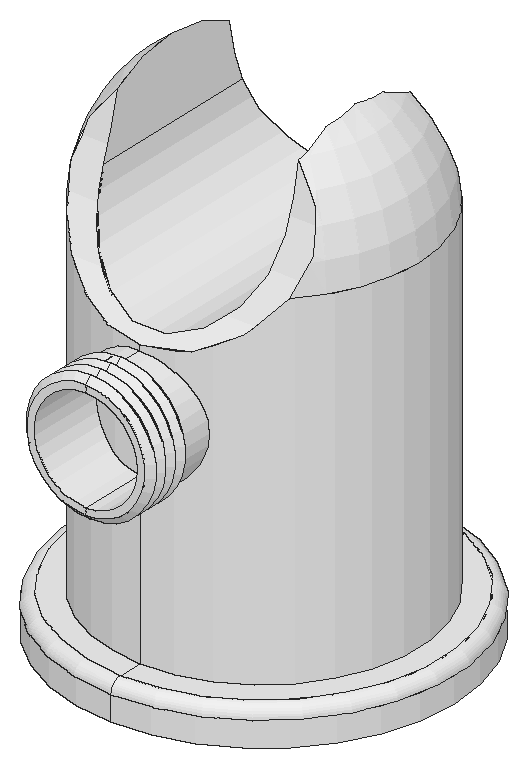
Revit family "Wall_Supply_Bracket-American_Standard-8888.038", category Plumbing Fixtures, host Face, Revit 2014
Parameters (values of type "8888.038")
  Width = 1 1/2"
  Water Connection Radius = 1/4"
  Water Connection Diameter = 1/2"
  Waste Connection = no
  Warranty Information = "One Year Limited Warranty"  # constant formula
  WFU = 4
  Vent Connection = no
  URL = "https://www.americanstandard-us.com/"
  Type Comments = ""
  Product Page URL = "https://www.americanstandard-us.com/bathroom/shower-faucets/wall-supply-bracket-17044"
  Product Documentation Link = "https://www.americanstandard-us.com/-/media/sites/asus/files/product-specs/bulk/specsheet8888038.pdf?la=en"
  Price = "Prices may vary. Please consult Manufacturer Representative for most up-to-date price list."  # constant formula
  Model = "8888.038"  # constant formula
  Material = "Brass-American Standard-002-Polished Chrome"
  Manufacturer = "American Standard"  # constant formula
  Length = 2 7/16"
  Installation Type = "Wall Mounted"  # constant formula
  HWFU = 3
  HW Connection = yes
  Finish = Brass-American Standard-002-Polished Chrome
  Description = "Wall Supply Bracket"  # constant formula
  Default Elevation = 60"  # constant formula
  Creation Date = "02/01/2018"  # constant formula
  CWFU = 3
  CW Connection = yes
  Assembly Code = "D2010700"
Reference planes (in)
  plane 1 "Center (Front/Back)": y = 0
  plane 2: z = 0
  plane 3 "Center (Left/Right)": x = 0
  plane 4: y = 0.75
  plane 5: y = -0.75
  plane 6: z = 1.25
  plane 7: z = 1.5
  plane 8: z = 1
  plane 9: y = -0.25
  plane 10: y = 0.25
  plane 11: z = 2.4375
Forms (in)
  Revolve 1, solid, material "Brass-American Standard-002-Polished Chrome" <- "Finish"
    sketch origin (0, 0, -1.22313) x (0, 0, 1) y (0, 1, 0)
      loop
        line (1.22313, 0) -> (3.77539, 0) -> (3.77539, 0.05131)
        arc (3.77539, 0.05131) -> (3.57075, 0.54536) -> (3.0767, 0.75) r 0.69869
        line (3.0767, 0.75) -> (1.28456, 0.75)
        arc (1.28456, 0.75) -> (1.25385, 0.74418) -> (1.22313, 0.75) r 0.08395
        line (1.22313, 0.75) -> (1.22313, 0)
      axis (1.22313, 0) -> (3.77539, 0)
    angle from 0 to 360
  Extrusion 2, void
    sketch origin (1.75, 0.05656, -0.15404) x (0, 0, 1) y (-1, 0, 0)
      loop
        line (2.203, 1.30939) -> (2.7173, 1.30939) -> (2.7173, 2.19061) -> (2.203, 2.19061)
        arc (2.203, 2.19061) -> (1.76239, 1.75) -> (2.203, 1.30939) r 0.44061
    from -0.89529 to 1.0084
  Extrusion 3, void
    sketch origin (0, 0.03125, 0.24219) x (0, 1, 0) y (0, 0, 1)
      loop
        line (0.75766, 1.28435) -> (0.75766, 2.12321) -> (0.30051, 2.12321)
        arc (0.30051, 2.12321) -> (0.45646, 1.6642) -> (0.75766, 1.28435) r 1.4207
      loop
        arc (-0.82016, 1.28435) -> (-0.51896, 1.6642) -> (-0.36301, 2.12321) r 1.4207
        line (-0.36301, 2.12321) -> (-0.82016, 2.12321) -> (-0.82016, 1.28435)
    from -0.81873 to 0.8167
  Revolve 4, solid, material "Brass-American Standard-002-Polished Chrome" <- "Finish"
    sketch origin (0, 0, 0) x (0, 1, 0) y (0, 0, 1)
      loop
        line (-0.54256, 1.5) -> (-0.54256, 1.53829) -> (-0.84343, 1.53829) -> (-0.86934, 1.5642) -> (-0.89915, 1.53438) -> (-0.92896, 1.5642) -> (-0.95877, 1.53438) -> (-0.98858, 1.5642) -> (-1.0184, 1.53438) -> (-1.04821, 1.5642) -> (-1.07802, 1.53438) -> (-1.07802, 1.5) -> (-0.54256, 1.5)
      axis (-1.07802, 1.25) -> (-0.54256, 1.25)
    angle from 0 to 360
  Revolve 5, solid, material "Brass-American Standard-002-Polished Chrome" <- "Finish"
    sketch origin (0, 1.25, 0.84343) x (0, 0, 1) y (0, -1, 0)
      loop
        line (-1.07802, 1.5) -> (-0.66505, 1.5) -> (-0.66505, 2.11779)
        arc (-0.66505, 2.11779) -> (-0.68184, 2.15832) -> (-0.72236, 2.17511) r 0.05731
        line (-0.72236, 2.17511) -> (-0.84343, 2.17511) -> (-0.84343, 1.53829) -> (-0.86934, 1.5642) -> (-0.89915, 1.53438) -> (-0.92896, 1.5642) -> (-0.95877, 1.53438) -> (-0.98858, 1.5642) -> (-1.0184, 1.53438) -> (-1.04821, 1.5642) -> (-1.07802, 1.53438) -> (-1.07802, 1.5)
      axis (-1.07802, 1.25) -> (-0.66505, 1.25)
    angle from 0 to 360
Cuts and joins
  Extrusion 2, Extrusion 3 cuts Revolve 1
  joined: Revolve 1, Revolve 4, Revolve 5
Lines and regions (in)
  Masking region 1
    outline origin (0, 0, 0) x (1, 0, 0) y (0, 0, 1)
      loop
        line (0.75, 0.17838) -> (0.75, 1.86481)
        arc (0.75, 1.86481) -> (0.66765, 2.18874) -> (0.44061, 2.43402) r 0.6783
        line (0.44061, 2.43402) -> (0.44061, 2.04895)
        arc (0.44061, 2.04895) -> (0, 1.60835) -> (-0.44061, 2.04895) r 0.44061
        line (-0.44061, 2.04895) -> (-0.44061, 2.43402)
        arc (-0.44061, 2.43402) -> (-0.66765, 2.18874) -> (-0.75, 1.86481) r 0.6783
        line (-0.75, 1.86481) -> (-0.75, 0.17838) -> (-0.87097, 0.17838)
        arc (-0.87097, 0.17838) -> (-0.9089, 0.16267) -> (-0.92462, 0.12474) r 0.05365
        line (-0.92462, 0.12474) -> (-0.92462, 0) -> (0.92462, 0) -> (0.92462, 0.12474)
        arc (0.92462, 0.12474) -> (0.9089, 0.16267) -> (0.87097, 0.17838) r 0.05365
        line (0.87097, 0.17838) -> (0.75, 0.17838)
  symbolic lines, detail levels medium+fine
    curve 1: line (-0.75, 0, 0.17838) -> (0.75, 0, 0.17838)
  symbolic lines, detail levels fine
    curve 2: spline (0.54283, 0, 1.8538) -> (0.56166, 0, 1.89221) -> (0.57563, 0, 1.93275) -> (0.58454, 0, 1.97491) -> (0.5883, 0, 2.01816) -> (0.58685, 0, 2.06196) -> (0.5802, 0, 2.10575) -> (0.56846, 0, 2.14898) -> (0.55175, 0, 2.19112) -> (0.5303, 0, 2.23162) -> (0.50437, 0, 2.26998) -> (0.47429, 0, 2.30572) -> (0.44043, 0, 2.33838)
    curve 3: line (0, 0, 1.56262) -> (0.54283, 0, 1.8538)
    curve 4: spline (-0.44043, 0, 2.33838) -> (-0.47391, 0, 2.30508) -> (-0.50368, 0, 2.26882) -> (-0.52937, 0, 2.23004) -> (-0.55065, 0, 2.18923) -> (-0.56725, 0, 2.14691) -> (-0.57897, 0, 2.10361) -> (-0.58565, 0, 2.05988) -> (-0.58721, 0, 2.01626) -> (-0.58364, 0, 1.97332) -> (-0.57497, 0, 1.93158) -> (-0.56131, 0, 1.89158) -> (-0.54285, 0, 1.85381)
    curve 5: line (-0.54285, 0, 1.85381) -> (0, 0, 1.56262)
Dimensions and locks (in)
  plane 2 to plane 6 = 1 1/4"
  "Length": plane 2 to plane 11
  "Width": plane 4 to plane 5
  aligned and locked: plane 2 to host face
  aligned and locked: level to host face
Automatic sketch dimensions
  host sketch curve to host sketch curve = 96"  (x2)
  Revolve 1 sketch curve to level = 0"
  Revolve 1 sketch curve to plane 4 = 0"  (x2)
  Revolve 1 sketch curve to plane 1 "Center (Front/Back)" = 0"  (x2)
  level to Revolve 1 sketch curve = 0.03071"
  Revolve 1 sketch curve to plane 7 = 0.35357"
  Revolve 1 sketch curve to plane 1 "Center (Front/Back)" = 0.05131"
  plane 4 to Revolve 1 sketch curve = 5/64"
  plane 11 to Revolve 1 sketch curve = 0.0849"
  Revolve 1 sketch curve to Revolve 1 sketch curve = 2 19/64"
  Extrusion 2 sketch curve to plane 3 "Center (Left/Right)" = 0"
  plane 11 to Extrusion 2 sketch curve = 0.38855"
  Extrusion 2 sketch curve to plane 11 = 0.12576"
  plane 3 "Center (Left/Right)" to Extrusion 2 sketch curve = 0.44061"
  Extrusion 3 sketch curve to plane 11 = 0.14873"  (x2)
  plane 5 to Extrusion 3 sketch curve = 0.98519"
  plane 5 to Extrusion 3 sketch curve = 0.03891"
  plane 9 to Extrusion 3 sketch curve = 0.08176"
  Extrusion 3 sketch curve to plane 10 = 0.08176"
  Extrusion 3 sketch curve to plane 7 = 0.02654"  (x2)
  plane 4 to Extrusion 3 sketch curve = 0.03891"
  Extrusion 3 sketch curve to Extrusion 3 sketch curve = 0.94627"
  plane 7 to Revolve 4 sketch curve = 0"
  plane 6 to Revolve 4 sketch curve = 0"
  Revolve 4 sketch curve to plane 7 = 0.03438"  (x4)
  plane 5 to Revolve 4 sketch curve = 0.32802"
  Revolve 4 sketch curve to plane 7 = 0.0642"  (x4)
  Revolve 4 sketch curve to Revolve 4 sketch curve = 0.02981"
  Revolve 4 sketch curve to plane 7 = 0.03829"
  Revolve 4 sketch curve to plane 5 = 0.20744"
  Revolve 4 sketch curve to plane 5 = 0.15542"
  plane 9 to Revolve 4 sketch curve = 0.04211"
  Revolve 5 sketch curve to plane 9 = 0"
  Revolve 5 sketch curve to level = 0"
  Revolve 5 sketch curve to plane 1 "Center (Front/Back)" = 0"
  Revolve 5 sketch curve to level = 0.02591"
  Revolve 5 sketch curve to Revolve 5 sketch curve = 0.02981"  (x4)
  plane 9 to Revolve 5 sketch curve = 0.03438"  (x2)
  plane 9 to Revolve 5 sketch curve = 0.0642"  (x2)
  Revolve 5 sketch curve to Revolve 5 sketch curve = 0.05962"
  level to Revolve 5 sketch curve = 0.12107"
  level to Revolve 5 sketch curve = 0.17838"
  plane 5 to Revolve 5 sketch curve = 0.11779"
  level to Revolve 5 sketch curve = 0.24885"
  Revolve 5 sketch curve to Revolve 5 sketch curve = 0.30247"
  Masking region 1 sketch curve to plane 3 "Center (Left/Right)" = 0"
  Masking region 1 sketch curve to level = 0"
  Masking region 1 sketch curve to plane 3 "Center (Left/Right)" = 0.0717"
  plane 11 to Masking region 1 sketch curve = 0.00348"
  Masking region 1 sketch curve to plane 3 "Center (Left/Right)" = 0.44061"
  Masking region 1 sketch curve to Masking region 1 sketch curve = 0.30939"
  Masking region 1 sketch curve to Masking region 1 sketch curve = 0.12097"  (x2)
  Masking region 1 sketch curve to Masking region 1 sketch curve = 0.05365"  (x2)
  plane 3 "Center (Left/Right)" to Masking region 1 sketch curve = 0.0717"
  level to Masking region 1 sketch curve = 0.17838"
  plane 3 "Center (Left/Right)" to Masking region 1 sketch curve = 3/4"
  level to Masking region 1 sketch curve = 0.12474"
  Masking region 1 sketch curve to plane 7 = 0.36481"
  Masking region 1 sketch curve to Masking region 1 sketch curve = 0.18414"
  level to curve 1 = 0.17838"
  curve 1 to plane 3 "Center (Left/Right)" = 3/4"
  plane 3 "Center (Left/Right)" to curve 1 = 3/4"
  curve 3 to plane 3 "Center (Left/Right)" = 0"
  plane 3 "Center (Left/Right)" to curve 3 = 0.54283"
  curve 3 to plane 7 = 0.3538"
  plane 3 "Center (Left/Right)" to curve 2 = 0.17453"
  plane 11 to curve 2 = 0.09912"
  curve 2 to curve 2 = 0.2659"
  curve 2 to curve 2 = 0.00415"
  curve 3 to plane 7 = 0.06262"
  curve 5 to plane 3 "Center (Left/Right)" = 0.54285"
  curve 5 to plane 7 = 0.35381"
  curve 5 to curve 4 = 0.01379"
  plane 11 to curve 4 = 0.09912"
  curve 4 to plane 3 "Center (Left/Right)" = 0.44043"
  curve 4 to plane 3 "Center (Left/Right)" = 0.1796"
Connectors (in)
  piping at (0, -1.07802, 1.25), diameter 0.5, driven by "Water Connection Diameter"
    settings: on cut or joined group of Revolve 1, Extrusion 2, Extrusion 3, Revolve 4, Revolve 5, index 1, connector inside diameter 24", connector length 0", flow factor 0, pipe flow 0 GPM, pressure drop 0.00 psi, fitting loss kfactor 0, connector angle 0.00°, fixture units 0, engagement length 0", angle of deflection 0.00°, flow configuration 0, flow direction 2, fitting loss method 0, system type 29, joint type 0, gender type 0, connector reference index -1, connector utility 0, adjustable connector no, is connector primary yes, connector description "1/2\" NPSM Male Hose Thread"
  piping at (0, 0, -0.23459), diameter 0.5, driven by "Water Connection Diameter"
    settings: on cut or joined group of Revolve 1, Extrusion 2, Extrusion 3, Revolve 4, Revolve 5, index 2, connector inside diameter 24", connector length 0", flow factor 0, pipe flow 0 GPM, pressure drop 0.00 psi, fitting loss kfactor 0, connector angle 0.00°, fixture units 0, engagement length 0", angle of deflection 0.00°, flow configuration 0, flow direction 1, fitting loss method 0, system type 29, joint type 0, gender type 0, connector reference index -1, connector utility 0, adjustable connector no, is connector primary no, connector description "1/2\" NPT Female Thread"
